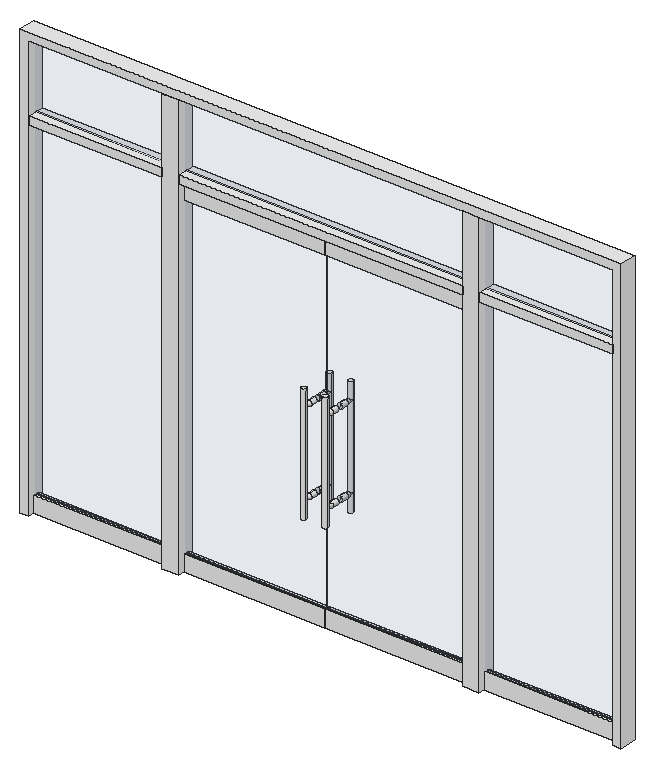
Revit family
Parameters
  프레임 투영 외부. = 25 mm
  프레임 투영 내부. = 25 mm
  프레임 폭 = 75 mm
  Height = 2600 mm
  Wall Closure = (empty or 0)
  Width = 3600 mm
  문 폭 = 1800 mm
  문 두께 = 100 mm
  문 패널 = SSD2 문 패널
  문 리프 폭 = 0.5 * 문 폭 - 50 mm  # 850 mm
  문 높이 = 2100 mm
  문 핸들 = 금속 - 크롬(2)
  문 프레임 = SSD2 문 프레임
Reference planes
  plane 1: y = 0
  plane 2 "왼쪽": x = -2750
  plane 3 "오른쪽": x = 850
  plane 4: z = 2600
  plane 5 "외부": y = 75
  plane 6 "내부": y = -75
  plane 7: x = -1850
  plane 8: x = -2700
  plane 9: x = 800
  plane 10: x = -1900
  plane 11: x = -1800
  plane 12: y = 50
  plane 13: y = -50
  plane 14: z = 2550
  plane 15: z = 2100
  plane 16: z = 2150
  plane 17: z = 2000
  plane 18: z = 100
  plane 19: y = 6
  plane 20: y = -6
  plane 21: y = 16
  plane 22: y = -16
  plane 23: x = -950
  plane 24: x = -1015
  plane 25: x = -885
  plane 26: z = 600
  plane 27: z = 1050
  plane 28: x = -50
  plane 29: x = 0
  plane 30: y = -850
  plane 31: y = 850
Forms (mm)
  Sweep 1, solid, material "SSD2 문 프레임" <- "문 프레임"
    path origin (0, 75, 0) x (1, 0, 0) y (0, 0, 1)
      loop
        line (850, 0) -> (850, 2600) -> (-2750, 2600) -> (-2750, 0)
    profile origin (850, 75, 1300) x (-1, 0, 0) y (0, -1, 0)
      loop
        line (50, 25) -> (50, 125) -> (0, 125) -> (0, 25) -> (50, 25)
  Extrusion 2, solid, material "SSD2 문 프레임" <- "문 프레임"
    sketch origin (-25, 0, 0) x (1, 0, 0) y (0, 1, 0)
      loop
        line (-1875, 50) -> (-1875, -50) -> (-1775, -50) -> (-1775, 50) -> (-1875, 50)
      loop
        line (-75, 50) -> (-75, -50) -> (25, -50) -> (25, 50) -> (-75, 50)
    from 0 to 2550
  Extrusion 3, solid, material "SSD2 문 패널" <- "문 패널"
    sketch origin (0, 0, 0) x (1, 0, 0) y (0, 1, 0)
      loop
        line (-2700, 6) -> (-2700, -6) -> (-1900, -6) -> (-1900, 6) -> (-2700, 6)
      loop
        line (0, 6) -> (0, -6) -> (800, -6) -> (800, 6) -> (0, 6)
    from 0 to 2100
  Extrusion 4, solid, material "SSD2 문 패널" <- "문 패널"
    sketch origin (900, 0, 0) x (1, 0, 0) y (0, 1, 0)
      loop
        line (-2700, 6) -> (-2700, -6) -> (-1850, -6) -> (-1850, 6) -> (-2700, 6)
    from 0 to 2100
  Extrusion 5, solid, material "SSD2 문 패널" <- "문 패널"
    sketch origin (900, 0, 0) x (1, 0, 0) y (0, 1, 0)
      loop
        line (-1850, 6) -> (-1850, -6) -> (-1000, -6) -> (-1000, 6) -> (-1850, 6)
    from 0 to 2100
  Extrusion 6, solid, material "SSD2 문 프레임" <- "문 프레임"
    sketch origin (0, 0, 0) x (1, 0, 0) y (0, 1, 0)
      loop
        line (-2700, 6) -> (-1900, 6) -> (-1900, 16) -> (-2700, 16) -> (-2700, 6)
      loop
        line (-2700, -16) -> (-1900, -16) -> (-1900, -6) -> (-2700, -6) -> (-2700, -16)
      loop
        line (0, 6) -> (800, 6) -> (800, 16) -> (0, 16) -> (0, 6)
      loop
        line (0, -16) -> (800, -16) -> (800, -6) -> (0, -6) -> (0, -16)
    from 0 to 100
  Extrusion 7, solid, material "SSD2 문 프레임" <- "문 프레임"
    sketch origin (900, 0, 0) x (1, 0, 0) y (0, 1, 0)
      loop
        line (-2700, -16) -> (-1850, -16) -> (-1850, -6) -> (-2700, -6) -> (-2700, -16)
      loop
        line (-2700, 6) -> (-1850, 6) -> (-1850, 16) -> (-2700, 16) -> (-2700, 6)
    from 0 to 100
  Extrusion 8, solid, material "SSD2 문 프레임" <- "문 프레임"
    sketch origin (900, 0, 0) x (1, 0, 0) y (0, 1, 0)
      loop
        line (-1850, -16) -> (-1000, -16) -> (-1000, -6) -> (-1850, -6) -> (-1850, -16)
      loop
        line (-1850, 6) -> (-1000, 6) -> (-1000, 16) -> (-1850, 16) -> (-1850, 6)
    from 0 to 100
  Extrusion 9, solid, material "SSD2 문 프레임" <- "문 프레임"
    sketch origin (-2581.693, 300, 2000) x (0, 1, 0) y (1, 0, 0)
      loop
        line (-294, 781.693) -> (-284, 781.693) -> (-284, 1631.693) -> (-294, 1631.693) -> (-294, 781.693)
      loop
        line (-316, 781.693) -> (-306, 781.693) -> (-306, 1631.693) -> (-316, 1631.693) -> (-316, 781.693)
    from 0 to -100
  Extrusion 10, solid, material "SSD2 문 프레임" <- "문 프레임"
    sketch origin (-2581.693, 300, 2000) x (0, 1, 0) y (1, 0, 0)
      loop
        line (-294, 1631.693) -> (-284, 1631.693) -> (-284, 2481.693) -> (-294, 2481.693) -> (-294, 1631.693)
      loop
        line (-316, 1631.693) -> (-306, 1631.693) -> (-306, 2481.693) -> (-316, 2481.693) -> (-316, 1631.693)
    from 0 to -100
  Extrusion 11, solid, material "SSD2 문 패널" <- "문 패널"
    sketch origin (-2581.693, 300, 2100) x (0, 1, 0) y (1, 0, 0)
      loop
        line (-294, -118.307) -> (-294, 681.693) -> (-306, 681.693) -> (-306, -118.307) -> (-294, -118.307)
      loop
        line (-306, 2581.693) -> (-294, 2581.693) -> (-294, 3381.693) -> (-306, 3381.693) -> (-306, 2581.693)
    from -50 to -450
  Extrusion 12, solid, material "SSD2 문 패널" <- "문 패널"
    sketch origin (-2581.693, 300, 2100) x (0, 1, 0) y (1, 0, 0)
      loop
        line (-294, 781.693) -> (-294, 2481.693) -> (-306, 2481.693) -> (-306, 781.693) -> (-294, 781.693)
    from -50 to -450
  Extrusion 13, solid, material "SSD2 문 프레임" <- "문 프레임"
    sketch origin (-2581.693, 300, 2100) x (0, 1, 0) y (1, 0, 0)
      loop
        line (-250, -118.307) -> (-250, 681.693) -> (-350, 681.693) -> (-350, -118.307) -> (-250, -118.307)
      loop
        line (-350, 2581.693) -> (-250, 2581.693) -> (-250, 3381.693) -> (-350, 3381.693) -> (-350, 2581.693)
    from 0 to -50
  Extrusion 14, solid, material "SSD2 문 프레임" <- "문 프레임"
    sketch origin (-2581.693, 300, 2100) x (0, 1, 0) y (1, 0, 0)
      loop
        line (-250, 781.693) -> (-250, 2481.693) -> (-350, 2481.693) -> (-350, 781.693) -> (-250, 781.693)
    from 0 to -50
Lines and regions (mm)
  Opening 1
    outline origin (-3050, -75, 0) x (1, 0, 0) y (0, 0, 1)
      loop
        line (300, 0) -> (3900, 0) -> (3900, 2600) -> (300, 2600) -> (300, 0)
  symbolic lines, style "평면 스윙"
    curve 1: line (-1800, 0, 2100) -> (-1800, 850, 2100)
    curve 2: line (-1800, 850, 2100) -> (-1768, 850, 2100)
    curve 3: line (-1768, 850, 2100) -> (-1768, 0, 2100)
    curve 4: line (-1800, 0, 2100) -> (-1800, -850, 2100)
    curve 5: line (-1800, -850, 2100) -> (-1768, -850, 2100)
    curve 6: line (-1768, -850, 2100) -> (-1768, 0, 2100)
    curve 7: line (-100, 0, 2100) -> (-100, 850, 2100)
    curve 8: line (-100, 850, 2100) -> (-132, 850, 2100)
    curve 9: line (-132, 850, 2100) -> (-132, 0, 2100)
    curve 10: line (-100, 0, 2100) -> (-100, -850, 2100)
    curve 11: line (-100, -850, 2100) -> (-132, -850, 2100)
    curve 12: line (-132, -850, 2100) -> (-132, 0, 2100)
    curve 17: arc (-100, -850, 2100) -> (-701.041, -601.041, 2100) -> (-950, 0, 2100) r 850
    curve 18: arc (-1800, -850, 2100) -> (-1198.959, -601.041, 2100) -> (-950, 0, 2100) r 850
    curve 19: arc (-1800, 850, 2100) -> (-1198.959, 601.041, 2100) -> (-950, 0, 2100) r 850
    curve 20: arc (-100, 850, 2100) -> (-701.041, 601.041, 2100) -> (-950, 0, 2100) r 850
  symbolic lines, style "입면도 스윙"
    curve 13: line (-950, 75, 2100) -> (-100, 75, 1050)
    curve 14: line (-100, 75, 1050) -> (-950, 75, 0)
    curve 15: line (-950, 75, 0) -> (-1800, 75, 1050)
    curve 16: line (-1800, 75, 1050) -> (-950, 75, 2100)
  symbolic lines
    curve 21: line (-2750, 50, 2100) -> (-1800, 50, 2100)
    curve 22: line (-2750, -50, 2100) -> (-2750, 50, 2100)
    curve 23: line (-1800, -50, 2100) -> (-2750, -50, 2100)
    curve 24: line (-1800, 50, 2100) -> (-1800, -50, 2100)
    curve 25: line (-2750, 0, 2100) -> (-1800, 0, 2100)
    curve 26: line (-100, 50, 2100) -> (850, 50, 2100)
    curve 27: line (-100, -50, 2100) -> (-100, 50, 2100)
    curve 28: line (850, -50, 2100) -> (-100, -50, 2100)
    curve 29: line (850, 50, 2100) -> (850, -50, 2100)
    curve 30: line (-100, 0, 2100) -> (850, 0, 2100)
Text (mm)
  text "외부" at (-2295.016, 1099.543, 0), in view "참조 레벨"
  text "외부" at (0, 1615.38, 3698.081), in view "왼쪽"
  text "외부" at (0, 1036.032, 3874.932), in view "오른쪽"
Dimensions and locks
  plane 2 "왼쪽" to plane 3 "오른쪽" = 3600 mm
  "Width": plane 2 "왼쪽" to plane 3 "오른쪽"
  "Height": plane 4 to host wall
  "문 높이": host wall to plane 15
  host wall to plane 4 = 2600 mm
  locked: plane 5 "외부" to host wall at 0
  locked: plane 6 "내부" to host wall
  locked: plane 2 "왼쪽" to plane 8 at 50
  plane 10 to plane 7 to plane 11 = 50 mm locked, 50 mm locked
  locked: plane 9 to plane 3 "오른쪽" at 50
  "문 두께": plane 12 to plane 13
  locked: plane 14 to plane 4 at 50
  locked: plane 15 to plane 16 at 50
  locked: plane 17 to plane 15 at 100
  locked: level to plane 18 at 100
  plane 19 to host wall to plane 20 = 6 mm locked, 6 mm locked
  locked: plane 20 to plane 22 at 10
  locked: plane 21 to plane 19 at 10
  locked: Extrusion 6 to plane 26 at 600
  plane 24 to plane 23 to plane 25 = 65 mm locked, 65 mm locked
  locked: curve 4 to curve 6 at 32
  locked: level to plane 27 at 1050
  equal spacing: plane 2 "왼쪽", plane 23, plane 3 "오른쪽"
  curve 10 to plane 28 to plane 29 = 50 mm locked, 50 mm locked
  "문 폭": plane 7 to plane 28
  equal spacing: plane 7, plane 23, plane 28
  equal spacing: plane 12, plane 1, plane 13
  "문 리프 폭": plane 1 to plane 30
  "문 리프 폭": plane 31 to plane 1
  aligned and locked: plane 2 "왼쪽" to Opening 1 sketch curve
  aligned and locked: plane 4 to Opening 1 sketch curve  (x2)
  aligned and locked: Opening 1 sketch curve to plane 3 "오른쪽"
  aligned and locked: Opening 1 sketch curve to level
  aligned and locked: host wall to plane 1
  aligned and locked: Sweep 1 sketch curve to plane 2 "왼쪽"
  aligned and locked: plane 4 to Sweep 1 sketch curve
  aligned and locked: plane 3 "오른쪽" to Sweep 1 sketch curve
  aligned and locked: plane 9 to Sweep 1 sketch curve
  aligned and locked: host wall to Sweep 1 sketch curve
  aligned and locked: Sweep 1 sketch curve to plane 12
  aligned and locked: plane 13 to Sweep 1 sketch curve
  aligned and locked: plane 10 to Extrusion 2 sketch curve
  aligned and locked: Extrusion 2 sketch curve to plane 12  (x2)
  aligned and locked: plane 13 to Extrusion 2 sketch curve  (x2)
  aligned and locked: plane 11 to Extrusion 2 sketch curve
  aligned and locked: plane 14 to Sweep 1
  aligned and locked: Extrusion 2 to plane 14
  aligned and locked: plane 8 to Extrusion 3 sketch curve
  aligned and locked: Extrusion 3 sketch curve to plane 19  (x2)
  aligned and locked: plane 20 to Extrusion 3 sketch curve  (x2)
  aligned and locked: plane 10 to Extrusion 3 sketch curve
  aligned and locked: plane 9 to Extrusion 3 sketch curve
  aligned and locked: plane 11 to Extrusion 4 sketch curve
  aligned and locked: Extrusion 4 sketch curve to plane 19
  aligned and locked: plane 20 to Extrusion 4 sketch curve
  aligned and locked: plane 23 to Extrusion 4 sketch curve
  aligned and locked: Extrusion 4 to Extrusion 5 sketch curve
  aligned and locked: Extrusion 5 sketch curve to Extrusion 4
  aligned and locked: plane 20 to Extrusion 5 sketch curve
  aligned and locked: Extrusion 6 sketch curve to Extrusion 3  (x5)
  aligned and locked: plane 21 to Extrusion 6 sketch curve  (x2)
  aligned and locked: Extrusion 6 sketch curve to plane 10
  aligned and locked: plane 8 to Extrusion 6 sketch curve
  aligned and locked: Extrusion 6 sketch curve to plane 22
  aligned and locked: Extrusion 3 to Extrusion 6 sketch curve  (x2)
  aligned and locked: Extrusion 6 sketch curve to plane 9
  aligned and locked: Extrusion 3 to plane 15
  aligned and locked: plane 18 to Extrusion 6
  aligned and locked: Extrusion 5 to plane 15
  aligned and locked: Extrusion 4 to plane 15
  aligned and locked: plane 11 to Extrusion 7 sketch curve
  aligned and locked: Extrusion 7 sketch curve to plane 22
  aligned and locked: Extrusion 4 to Extrusion 7 sketch curve
  aligned and locked: Extrusion 7 sketch curve to Extrusion 4  (x3)
  aligned and locked: plane 21 to Extrusion 7 sketch curve
  aligned and locked: Extrusion 7 sketch curve to plane 23
  aligned and locked: Extrusion 8 sketch curve to Extrusion 7
  aligned and locked: Extrusion 7 to Extrusion 8 sketch curve
  aligned and locked: Extrusion 5 to Extrusion 8 sketch curve
  aligned and locked: Extrusion 4 to Extrusion 8 sketch curve
  aligned and locked: Extrusion 8 sketch curve to Extrusion 5
  aligned and locked: plane 21 to Extrusion 8 sketch curve
  aligned and locked: plane 18 to Extrusion 8
  aligned and locked: plane 18 to Extrusion 7
  aligned and locked: Extrusion 4 to Extrusion 9 sketch curve
  aligned and locked: Extrusion 9 sketch curve to Extrusion 4  (x2)
  aligned and locked: Extrusion 9 sketch curve to Extrusion 7  (x3)
  aligned and locked: Extrusion 7 to Extrusion 9 sketch curve
  aligned and locked: Extrusion 5 to Extrusion 9 sketch curve
  aligned and locked: Extrusion 10 sketch curve to Extrusion 4
  aligned and locked: Extrusion 4 to Extrusion 10 sketch curve
  aligned and locked: Extrusion 10 sketch curve to Extrusion 8
  aligned and locked: Extrusion 10 sketch curve to Extrusion 7
  aligned and locked: Extrusion 7 to Extrusion 10 sketch curve
  aligned and locked: Extrusion 10 sketch curve to Extrusion 5
  aligned and locked: Extrusion 10 to plane 15
  aligned and locked: Extrusion 9 to plane 15
  aligned and locked: Extrusion 3 to Extrusion 11 sketch curve  (x2)
  aligned and locked: Extrusion 11 sketch curve to Extrusion 3  (x4)
  aligned and locked: Extrusion 11 sketch curve to Extrusion 6
  aligned and locked: Extrusion 12 sketch curve to Extrusion 4
  aligned and locked: Extrusion 12 sketch curve to Extrusion 3
  aligned and locked: Extrusion 12 sketch curve to plane 11
  aligned and locked: Extrusion 11 to Sweep 1
  aligned and locked: plane 16 to Extrusion 11
  aligned and locked: Extrusion 12 to Sweep 1
  aligned and locked: plane 16 to Extrusion 12
  aligned and locked: Extrusion 13 sketch curve to Sweep 1  (x2)
  aligned and locked: plane 12 to Extrusion 13 sketch curve  (x2)
  aligned and locked: Extrusion 2 to Extrusion 13 sketch curve
  aligned and locked: Extrusion 13 sketch curve to Extrusion 2  (x2)
  aligned and locked: Extrusion 14 sketch curve to Extrusion 2  (x2)
  aligned and locked: Extrusion 2 to Extrusion 14 sketch curve
  aligned and locked: Extrusion 13 to plane 16
  aligned and locked: Extrusion 14 to plane 16
  aligned and locked: Extrusion 7 to nested 1
  aligned and locked: Extrusion 8 to nested 2
  aligned and locked: nested 2 to plane 25
  aligned and locked: nested 1 to plane 24
  aligned and locked: nested 3 to Extrusion 7
  aligned and locked: nested 4 to Extrusion 8
  aligned and locked: plane 25 to nested 4
  aligned and locked: plane 24 to nested 3
  aligned and locked: plane 26 to nested 4
  aligned and locked: plane 26 to nested 3
  aligned and locked: nested 2 to plane 26
  aligned and locked: nested 1 to plane 26
  aligned and locked: Extrusion 2 sketch curve to curve 10
  aligned and locked: Extrusion 2 sketch curve to plane 29
  aligned and locked: Extrusion 6 sketch curve to plane 29  (x2)
  aligned and locked: plane 29 to Extrusion 3 sketch curve
  aligned and locked: Extrusion 8 sketch curve to Extrusion 2  (x2)
  aligned and locked: Extrusion 2 to Extrusion 5 sketch curve
  aligned and locked: Extrusion 2 to Extrusion 12 sketch curve
  aligned and locked: plane 27 to curve 14
  aligned and locked: Extrusion 2 to curve 14
  aligned and locked: plane 27 to curve 16
  aligned and locked: plane 11 to curve 16
  aligned and locked: plane 23 to curve 15
  aligned and locked: plane 23 to curve 16
  aligned and locked: plane 30 to curve 11
  aligned and locked: curve 5 to plane 30
  aligned and locked: plane 31 to curve 8
  aligned and locked: curve 2 to plane 31
  aligned and locked: Sweep 1 to curve 21
  aligned and locked: curve 21 to Sweep 1
  aligned and locked: curve 24 to Extrusion 2
  aligned and locked: curve 24 to curve 4
  aligned and locked: curve 25 to host wall
  aligned and locked: curve 7 to curve 26
  aligned and locked: curve 26 to Extrusion 2
  aligned and locked: curve 29 to Sweep 1  (x2)
  aligned and locked: host wall to curve 30
Automatic sketch dimensions
  Sweep 1 sketch curve to level = 0 mm  (x2)
  Extrusion 6 sketch curve to plane 22 = 0 mm
  Extrusion 6 sketch curve to plane 21 = 0 mm
  Extrusion 11 sketch curve to plane 19 = 0 mm
  curve 13 to plane 15 = 0 mm
  curve 15 to level = 0 mm
  Extrusion 13 sketch curve to plane 29 = 0 mm
  Extrusion 11 sketch curve to plane 29 = 0 mm
  Extrusion 10 sketch curve to plane 28 = 50 mm
  Extrusion 10 sketch curve to Extrusion 10 sketch curve = 0 mm
  Extrusion 14 sketch curve to plane 13 = 0 mm
  curve 23 to plane 11 = 0 mm
  curve 23 to plane 13 = 0 mm
  curve 9 to host wall = 0 mm
  curve 6 to host wall = 0 mm
  curve 29 to plane 12 = 0 mm
  curve 7 to curve 9 = 32 mm
Nested families
  nested 1: "KO_문 손잡이 유형3" at (-1015, -16, 100), type "핸들 유형3 03 길이700"
  nested 2: "KO_문 손잡이 유형3" at (-885, -16, 100), type "핸들 유형3 03 길이700"
  nested 3: "KO_문 손잡이 유형3" at (-1015, 16, 100), type "핸들 유형3 03 길이700"
  nested 4: "KO_문 손잡이 유형3" at (-885, 16, 100), type "핸들 유형3 03 길이700"
Definition of nested family "KO_문 손잡이 유형3"
  Parameters (values of type "핸들 유형3 01 길이600")
    링크 점 = 100 mm
    링크 재료 = 금속 - 크롬(2)
    핸들 재료 = 금속 - 크롬(2)
    핸들 깊이 = 80 mm
    링크 두께 = 10 mm
    핸들 반지름 = 17.5 mm
    기둥 점 = 500 mm
    핸들 길이 = 600 mm
    Assembly Code = ""
  Types (3, lengths in mm): name | 핸들 반지름 | 핸들 길이
    핸들 유형3 01 길이600 | 17.5 | 600
    핸들 유형3 02 길이650 | 15 | 650
    핸들 유형3 03 길이700 | 15 | 700
  Reference planes
    plane 1 "중심(앞/뒤)": y = 0
    plane 2: z = 0
    plane 3 "중심(왼쪽/오른쪽)": x = 0
    plane 4 "하드웨어": z = 500
    plane 5: z = 1100
  Forms (mm)
    Sweep 1, solid, material "금속 - 크롬(2)" <- "핸들 재료"
      path origin (0, 0, 0) x (0, 1, 0) y (0, 0, 1)
        loop
          line (-80, 1100) -> (-80, 500)
      profile origin (0, 0, 800) x (1, 0, 0) y (0, 1, 0)
        loop
          circle (0, -80) r 17.5
    Revolve 2, solid, material "금속 - 크롬(2)" <- "링크 재료"
      sketch origin (0, 0, 0) x (0, 1, 0) y (0, 0, 1)
        loop
          line (-80, 1000) -> (0, 1000) -> (0, 1015) -> (-40, 1015) -> (-80, 1007.081) -> (-80, 1000)
        axis (-80, 1000) -> (0, 1000)
      angle from 0 to 360
    Revolve 3, solid, material "금속 - 크롬(2)" <- "링크 재료"
      sketch origin (0, 0, 0) x (0, 1, 0) y (0, 0, 1)
        loop
          line (0, 600) -> (0, 615) -> (-40, 615) -> (-80, 607.081) -> (-80, 600) -> (0, 600)
        axis (-80, 600) -> (0, 600)
      angle from 0 to 360
  Dimensions and locks
    "기둥 점": plane 4 "하드웨어" to plane 2
    "핸들 길이": plane 5 to plane 4 "하드웨어"
    "핸들 깊이": Sweep 1 sketch curve to plane 1 "중심(앞/뒤)"
    locked: Revolve 2 sketch curve to Revolve 2 sketch curve at 15
    locked: Revolve 2 sketch curve to Revolve 2 sketch curve at 7.081
    "링크 점": Revolve 2 sketch curve to Sweep 1
    locked: Revolve 3 sketch curve to Revolve 3 sketch curve at 7.081
    locked: Revolve 3 sketch curve to Revolve 3 sketch curve at 15
    "링크 점": plane 4 "하드웨어" to Revolve 3 sketch curve
    equal spacing: Revolve 2 sketch curve, Revolve 2 sketch curve, Revolve 2 sketch curve
    equal spacing: Revolve 3 sketch curve, Revolve 3 sketch curve, Revolve 3 sketch curve
    "핸들 반지름": radius of Sweep 1 sketch curve
    aligned and locked: plane 4 "하드웨어" to Sweep 1 sketch curve
    aligned and locked: plane 5 to Sweep 1 sketch curve
    aligned and locked: Sweep 1 to Revolve 2 sketch curve  (x2)
    aligned and locked: Sweep 1 to Revolve 3 sketch curve
    aligned and locked: Revolve 3 sketch curve to plane 1 "중심(앞/뒤)"
  Automatic sketch dimensions
    Sweep 1 sketch curve to plane 3 "중심(왼쪽/오른쪽)" = 0 mm
    Sweep 1 sketch curve to profile plane = 0 mm
    Revolve 2 sketch curve to Revolve 2 sketch curve = 0 mm  (x2)
    Revolve 2 sketch curve to plane 1 "중심(앞/뒤)" = 70 mm
    Revolve 3 sketch curve to Revolve 3 sketch curve = 0 mm  (x2)
    Revolve 3 sketch curve to Revolve 3 sketch curve = 39.243 mm
    Revolve 2 sketch curve to plane 1 "중심(앞/뒤)" = 0 mm
